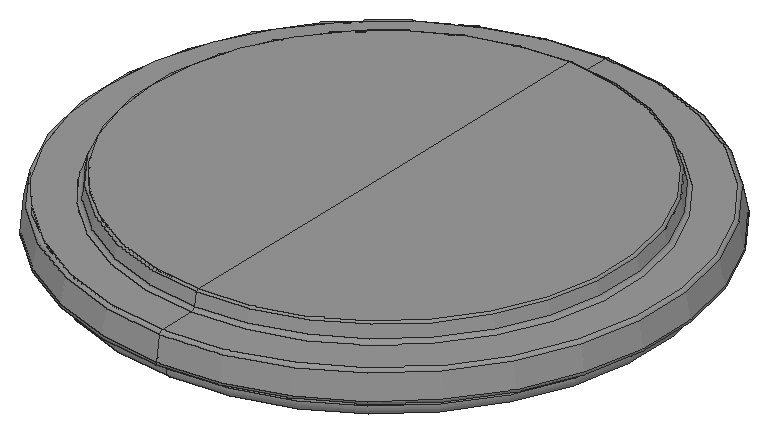
Revit family "FMK13_63_UN_Surface-mounted_ETK", category Lighting Fixtures, Revit 2017 (continued)
Definition of nested family "FMK.1 - Lightsource"
  Types (13, lengths in mm): name | Wattage Comments | Photometric Web File | built-in parameter 1150142 | Apparent Load
      3384\t405.5595\t405.017\t403.9123\t402.4111\t400.3595\t397.8451\t394.7084\t391.0909\t387.0552\r\n382.4227\t377.3501\t371.7125\t365.6289\t359.0797\t352.0101\t344.5153\t336.5336\t328.0834\t319.186\r\n310.0492\t300.3991\t290.6808\t280.0535\t269.1382\t257.6606\t245.9715\t234.0356\t221.994\t209.6474\r\n197.1639\t184.5242\t171.8904\t158.2648\t144.4077\t130.6839\t117.093\t103.3426\t89.5213\t76.4321\r\n62.9064\t50.3095\t38.9022\t28.6824\t0\t0\r\n405.3384\t405.5619\t405.0308\t404.1037\t402.4481\t400.3826\t397.8529\t394.7029\t391.0716\t386.9514\r\n382.295\t377.2986\t371.6562\t365.6032\t359.0556\t351.9937\t344.5103\t336.584\t328.1776\t319.3532\r\n310.0974\t300.3356\t290.3174\t279.8488\t269.1115\t258.1537\t246.5385\t234.5863\t222.1937\t209.6472\r\n196.9332\t184.0086\t170.9271\t157.807\t144.7993\t131.1715\t116.9912\t103.0076\t89.4388\t75.7848\r\n62.8691\t50.2334\t38.592\t27.1196\t0\t0\r\n405.3384\t405.5633\t405.0407\t404.1312\t402.6392\t400.4187\t397.881\t394.7292\t391.0895\t386.9644\r\n382.2746\t377.1648\t371.4996\t365.4693\t358.9878\t351.9131\t344.4464\t336.5353\t328.1318\t319.3478\r\n310.1011\t300.4485\t290.394\t279.9618\t269.1603\t257.9107\t246.3524\t234.5985\t222.4284\t210.1088\r\n197.3969\t184.1969\t170.8703\t157.4428\t143.9608\t130.43\t116.9468\t103.5478\t89.3098\t75.5778\r\n62.4619\t50.0702\t38.7502\t24.5387\t1.901\t0\r\n405.3384\t405.5636\t405.0466\t404.1492\t402.6681\t400.5955\t398.0664\t394.9307\t391.1454\t387.0248\r\n382.3139\t377.1828\t371.4901\t365.4554\t358.8567\t351.7264\t344.248\t336.3296\t327.9212\t319.2201\r\n309.9694\t300.3191\t290.2888\t279.8993\t269.135\t258.007\t246.5323\t234.736\t222.5462\t210.0919\r\n197.3723\t184.3271\t171.1345\t157.7225\t144.2137\t130.4595\t116.5463\t102.7293\t88.9906\t75.6756\r\n62.4842\t49.7099\t38.4108\t19.5388\t9.0852\t0\r\n405.3384\t405.5627\t405.0483\t404.1575\t402.6822\t400.6129\t398.0939\t394.9827\t391.3659\t387.2691\r\n382.55\t377.4142\t371.7081\t365.686\t358.9237\t351.7483\t344.2571\t336.3046\t327.8656\t319.0519\r\n309.7319\t300.073\t290.0393\t279.6352\t268.8689\t257.7186\t246.2608\t234.4573\t222.2884\t210.0107\r\n197.2602\t184.3582\t171.2221\t157.8358\t144.2992\t130.7043\t116.8944\t103.0094\t89.1137\t75.4482\r\n62.0725\t49.5077\t38.5681\t16.4085\t6.3848\t0\r\n405.3384\t405.5608\t405.0458\t404.1562\t402.6815\t400.6096\t398.0931\t394.9913\t391.3746\t387.2895\r\n382.5726\t377.4458\t371.7456\t365.7409\t359.116\t351.9176\t344.4382\t336.4672\t328.028\t319.2025\r\n309.8386\t300.1705\t290.1395\t279.7338\t268.942\t257.7639\t246.2815\t234.4244\t222.1929\t209.9028\r\n196.969\t184.0235\t170.8906\t157.4183\t143.9226\t130.2982\t116.5333\t102.7217\t88.9801\t75.3324\r\n62.0708\t49.4881\t37.8886\t16.6443\t6.3206\t4.5649\r\n405.3384\t405.5579\t405.0392\t404.1453\t402.6658\t400.5861\t398.064\t394.9565\t391.3223\t387.2272\r\n382.4989\t377.367\t371.656\t365.6345\t358.8616\t351.6754\t344.1767\t336.2087\t327.7721\t318.9511\r\n309.6246\t299.9461\t289.9153\t279.5013\t268.7141\t257.5244\t246.0492\t234.2476\t222.0584\t209.8057\r\n197.0631\t184.1389\t170.9819\t157.6062\t144.0805\t130.4305\t116.7655\t102.8872\t88.9857\t75.3165\r\n61.9974\t49.5022\t38.5004\t19.5133\t10.1573\t0\r\n405.3384\t405.5537\t405.0285\t404.1246\t402.6354\t400.5421\t398.006\t394.879\t391.057\t386.9398\r\n382.2102\t377.0886\t371.3854\t365.3521\t358.7336\t351.5762\t344.0881\t336.1427\t327.7345\t319.0228\r\n309.7484\t300.0828\t290.0448\t279.6173\t268.8275\t257.6208\t246.1171\t234.3028\t222.0743\t209.66\r\n196.8854\t183.8167\t170.5486\t157.0989\t143.5804\t129.9288\t116.1512\t102.4281\t88.8066\t75.5773\r\n62.493\t49.7093\t38.2595\t25.0307\t14.9589\t0\r\n405.3384\t405.5487\t405.0137\t404.0945\t402.5903\t400.3393\t397.7919\t394.6519\t390.9587\t386.8388\r\n382.1207\t377.0237\t371.3413\t365.3181\t358.8128\t351.6794\t344.2118\t336.2599\t327.8486\t319.0383\r\n309.7477\t300.0564\t289.9668\t279.4805\t268.6528\t257.2839\t245.7289\t233.9178\t221.7092\t209.3665\r\n196.5454\t183.3687\t170.0181\t156.5779\t143.1684\t129.7197\t116.3848\t103.1589\t88.9988\t75.3396\r\n62.3046\t50.0937\t38.8254\t28.0997\t2.873\t0\r\n405.3384\t405.5424\t404.9947\t404.055\t402.3835\t400.2776\t397.7298\t394.604\t390.8997\t386.7863\r\n382.0919\t377.1147\t371.4463\t365.407\t358.8101\t351.6735\t344.1847\t336.2129\t327.7678\t318.9134\r\n309.5687\t299.7567\t289.6031\t279.1338\t268.3599\t257.1899\t245.6509\t233.7994\t221.2737\t208.667\r\n195.8953\t182.9771\t169.8766\t156.7282\t143.8338\t130.2381\t116.1827\t102.4101\t88.9484\t75.4168\r\n62.7296\t50.3091\t39.1414\t29.704\t0\t0\r\n405.3384\t405.5351\t404.9716\t403.8532\t402.3311\t400.2301\t397.6855\t394.5908\t390.8787\t386.8617\r\n382.175\t377.112\t371.4367\t365.3594\t358.743\t351.6058\t344.0956\t336.0642\t327.5154\t318.5932\r\n309.2834\t299.6126\t289.6216\t279.1214\t268.1429\t256.518\t244.9018\t233.0679\t220.8676\t208.4546\r\n195.9224\t183.2678\t170.6349\t156.9081\t143.1149\t129.4264\t115.9638\t102.4748\t88.9243\t76.0325\r\n62.7599\t50.5163\t39.7576\t30.4051\t0\t0\r\n405.3384\t405.5268\t404.9446\t403.805\t402.2873\t400.1964\t397.6585\t394.6138\t390.9631\t386.846\r\n382.1518\t377.0764\t371.382\t365.2552\t358.5991\t351.4668\t343.8615\t335.8105\t327.4306\t318.7174\r\n309.3728\t299.5147\t288.9811\t278.3636\t267.4085\t256.1152\t244.6556\t232.9217\t220.9954\t208.7993\r\n196.6284\t183.2571\t169.7766\t156.2175\t142.8009\t129.5874\t115.8561\t102.4694\t89.5373\t75.801\r\n62.8374\t50.9146\t40.2047\t6.0894\t0\t0\r\n405.3384\t405.5175\t404.9137\t403.7611\t402.2519\t400.1761\t397.6486\t394.7553\t390.9488\t386.789\r\n382.1121\t377.0119\t371.2861\t365.1175\t358.3294\t351.2537\t343.813\t335.977\t327.5604\t318.4278\r\n308.6974\t298.7546\t288.5068\t277.9956\t267.1616\t256.1159\t244.8144\t233.2945\t221.7169\t208.8064\r\n195.7188\t182.5554\t169.3922\t156.2082\t142.9406\t129.1804\t115.9091\t102.9762\t89.1253\t75.8369\r\n63.1021\t51.3207\t40.5082\t0\t0\t0\r\n405.3384\t405.5071\t404.732\t403.7215\t402.2248\t400.1686\t397.7338\t394.8479\t390.8965\t386.7357\r\n382.0539\t376.9054\t371.1484\t364.8842\t358.2241\t351.4508\t343.9783\t335.7216\t326.8896\t317.6788\r\n308.2461\t298.3973\t288.3086\t277.939\t267.2925\t256.4485\t245.5245\t233.6216\t220.7985\t208.0817\r\n195.2276\t182.3754\t169.6036\t156.0708\t142.5048\t129.2499\t116.3261\t102.426\t89.0803\t75.9582\r\n63.4055\t51.6359\t45.2068\t0\t0\t0\r\n405.3384\t405.4958\t404.7008\t403.6862\t402.2055\t400.2642\t397.7241\t394.865\t390.8568\t386.6659\r\n381.976\t376.6726\t370.9429\t364.8366\t358.4087\t351.334\t343.5563\t334.9914\t326.3919\t317.3169\r\n308.0073\t298.2976\t288.3747\t278.1618\t267.7576\t257.0033\t244.8286\t232.6273\t220.2623\t207.8032\r\n195.2499\t182.6548\t169.1292\t155.7437\t142.619\t129.6789\t115.7028\t102.2394\t89.062\t76.0071\r\n63.5996\t51.8486\t11.6838\t0\t0\t0\r\n405.3384\t405.4834\t404.6711\t403.6553\t402.1936\t400.258\t397.6979\t394.8548\t390.809\t386.5801\r\n381.7953\t376.5628\t370.9021\t365.0558\t358.2517\t350.708\t342.8497\t334.6091\t326.0741\t317.1853\r\n307.9783\t298.4528\t288.6922\t278.8691\t267.9516\t256.0449\t244.1901\t232.1682\t220.074\t207.8676\r\n195.4583\t182.0264\t168.8523\t155.8456\t142.9997\t129.0282\t115.4645\t102.3448\t88.8812\t76.0111\r\n63.697\t51.9403\t0\t0\t0\t0\r\n405.3384\t405.4702\t404.6431\t403.6287\t402.2832\t400.2467\t397.6616\t394.8126\t390.7531\t386.4813\r\n381.7031\t376.5033\t371.0899\t364.866\t357.6417\t350.2384\t342.4952\t334.4178\t325.9215\t317.2094\r\n308.1434\t298.8419\t289.3001\t278.281\t266.9656\t255.5234\t243.8676\t232.0908\t220.4035\t207.9609\r\n194.7531\t181.8051\t168.927\t156.2326\t142.3126\t128.7065\t115.4865\t101.9757\t88.7309\t76.0048\r\n63.7421\t56.6766\t0\t0\t0\t0\r\n405.3384\t405.4561\t404.6167\t403.6076\t402.2769\t400.2274\t397.6166\t394.7349\t390.6867\t386.33\r\n381.656\t376.7279\t370.9169\t364.2502\t357.2389\t349.8681\t342.264\t334.3087\t325.9477\t317.3662\r\n308.4811\t299.3487\t288.5326\t277.6229\t266.5022\t255.2499\t243.8518\t232.5118\t220.0293\t207.2658\r\n194.5118\t181.8749\t169.3599\t155.551\t141.9034\t128.5853\t115.2093\t101.7082\t88.6305\t75.9892\r\n63.7506\t34.8823\t0\t0\t0\t0\r\n405.3384\t405.441\t404.5919\t403.5925\t402.2647\t400.2005\t397.5636\t394.6195\t390.511\t386.2918\r\n381.8682\t376.6329\t370.3868\t363.8318\t356.9304\t349.652\t342.1589\t334.2951\t326.1382\t317.7058\r\n308.9338\t298.5236\t287.9506\t277.1892\t266.2979\t255.2333\t244.3108\t232.0843\t219.5682\t206.9936\r\n194.5653\t182.2533\t168.7385\t155.1122\t141.7148\t128.5532\t114.8199\t101.4796\t88.5326\t75.9589\r\n63.7436\t0\t0\t0\t0\t0\r\n405.3384\t405.4251\t404.5685\t403.5817\t402.2465\t400.1668\t397.508\t394.4112\t390.4413\t386.2913\r\n381.8067\t376.4311\t370.0062\t363.505\t356.7156\t349.5603\t342.1638\t334.4401\t326.4674\t318.1326\r\n308.1103\t297.9214\t287.5762\t277.012\t266.3002\t255.6656\t243.832\t231.5923\t219.2864\t207.014\r\n194.9442\t181.7689\t168.1866\t154.8828\t141.8181\t128.0517\t114.4929\t101.2468\t88.4031\t75.8633\r\n69.485\t0\t0\t0\t0\t0\r\n405.3384\t405.2485\t404.5335\t403.6645\t402.2224\t400.1255\t397.475\t394.1709\t390.3989\t386.5385\r\n381.6223\t375.8443\t369.6864\t363.2614\t356.5777\t349.5494\t342.2587\t334.7322\t326.9154\t317.3685\r\n307.5367\t297.5489\t287.3558\t277.0195\t266.7127\t255.5088\t243.294\t231.2722\t219.2355\t207.2358\r\n194.7953\t181.1626\t167.9131\t154.7557\t141.4371\t127.7042\t114.2298\t101.0851\t88.2593\t75.7374\r\n52.566\t0\t0\t0\t0\t0\r\n405.3384\t405.2313\t404.5149\t403.6585\t402.1924\t400.0874\t397.4062\t394.0524\t390.3827\t386.4783\r\n381.347\t375.4965\t369.4174\t363.101\t356.5087\t349.625\t342.4702\t335.2626\t326.2434\t316.8153\r\n307.1624\t297.3178\t287.3215\t277.1874\t266.6991\t254.7569\t242.9726\t231.1253\t219.3601\t207.4539\r\n194.0571\t180.8106\t167.6988\t154.8237\t140.9526\t127.3463\t114.024\t100.9381\t88.1442\t75.6199\r\n8.3292\t0\t0\t0\t0\t0\r\n405.3384\t405.2143\t404.4979\t403.65\t402.1564\t400.0372\t397.3255\t393.9625\t390.6129\t386.3063\r\n380.8286\t375.1745\t369.2361\t363.0129\t356.5201\t349.7807\t343.0483\t335.0507\t325.7043\t316.3858\r\n306.914\t297.2339\t287.4377\t277.4576\t265.9553\t254.3844\t242.7811\t231.1938\t219.6917\t206.6946\r\n193.5598\t180.5774\t167.6861\t154.2617\t140.5223\t127.0588\t113.7914\t100.7972\t88.0366\t83.4326\r\n0\t0\t0\t0\t0\t0\r\n405.3384\t405.1978\t404.4825\t403.6384\t402.0911\t399.9817\t397.1408\t393.8852\t390.547\t386.0015\r\n380.5505\t374.9336\t369.1354\t362.9788\t356.6063\t350.0031\t343.0514\t334.2028\t325.2569\t316.0815\r\n306.771\t297.3248\t287.8218\t276.8308\t265.4808\t254.1562\t242.7619\t231.3645\t219.1669\t206.151\r\n193.2513\t180.4127\t167.6455\t153.7701\t140.1673\t126.7721\t113.5971\t100.6559\t87.9035\t73.2104\r\n0\t0\t0\t0\t0\t0\r\n405.3384\t405.1816\t404.4685\t403.6236\t402.0462\t399.9218\t397.0406\t393.8449\t390.4197\t385.4588\r\n380.303\t374.7523\t369.0481\t362.9941\t356.7556\t350.4899\t342.3766\t333.7323\t324.91\t315.93\r\n306.7423\t297.7012\t287.638\t276.3403\t265.2041\t254.0066\t242.8588\t231.5472\t218.5675\t205.791\r\n193.0312\t180.5339\t166.992\t153.2951\t139.8329\t126.5198\t113.4096\t100.488\t87.7644\t50.183\r\n0\t0\t0\t0\t0\t0\r\n405.3384\t405.1658\t404.4556\t403.605\t402.0047\t399.8587\t396.9678\t394.0484\t390.2485\t385.1764\r\n380.0833\t374.6292\t368.9744\t363.0772\t356.9562\t350.3807\t341.8775\t333.354\t324.6587\t315.8276\r\n306.8408\t297.6991\t286.865\t275.9921\t265.0466\t254.0282\t243.181\t230.8144\t218.1129\t205.4704\r\n192.95\t180.3241\t166.4787\t152.9016\t139.4897\t126.2465\t113.2069\t100.3244\t87.5932\t7.0091\r\n0\t0\t0\t0\t0\t0\r\n405.3384\t405.1736\t404.4436\t403.5723\t401.9608\t399.8075\t396.909\t394.0477\t390.0041\t384.9479\r\n379.8834\t374.551\t368.9703\t363.21\t357.4063\t349.6805\t341.4574\t333.0643\t324.521\t315.8139\r\n307.234\t297.0694\t286.4243\t275.712\t264.9568\t254.1683\t243.0001\t230.2308\t217.7563\t205.2779\r\n193.0318\t179.6139\t166.0256\t152.5274\t139.1851\t126.0071\t112.9942\t100.1243\t93.9816\t0\r\n0\t0\t0\t0\t0\t0\r\n405.3384\t405.1582\t404.4323\t403.5458\t401.9186\t399.7372\t396.864\t393.9692\t389.4676\t384.7303\r\n379.7002\t374.4837\t369.0179\t363.3474\t357.309\t349.2254\t341.1152\t332.8524\t324.4403\t315.899\r\n307.1158\t296.6023\t286.0655\t275.5201\t264.9227\t254.484\t242.2719\t229.8418\t217.4461\t205.1551\r\n192.8003\t179.0668\t165.548\t152.1467\t138.9029\t125.7703\t112.7705\t99.923\t81.4643\t0\r\n0\t0\t0\t0\t0\t0\r\n405.3384\t405.1427\t404.4215\t403.5172\t401.8789\t399.5738\t396.8307\t393.84\t389.2108\t384.5347\r\n379.5711\t374.4387\t369.0911\t363.8155\t356.9853\t348.8325\t340.836\t332.7132\t324.4347\t316.2659\r\n306.469\t296.1791\t285.8331\t275.4029\t264.9879\t254.1807\t241.7605\t229.4924\t217.282\t205.2627\r\n192.1131\t178.5645\t165.1154\t151.7836\t138.585\t125.5095\t112.5563\t99.7128\t60.9146\t0\r\n0\t0\t0\t0\t0\t0\r\n405.3384\t405.1268\t404.411\t403.4869\t401.8689\t399.5039\t396.8145\t393.6447\t388.9954\t384.3538\r\n379.4857\t374.4179\t369.1782\t363.8193\t356.2567\t348.5043\t340.6114\t332.606\t324.4985\t316.1813\r\n306.0112\t295.8319\t285.6355\t275.3934\t265.2495\t253.4097\t241.2878\t229.2124\t217.1097\t205.0994\r\n191.5675\t178.0818\t164.7012\t151.456\t138.2911\t125.2321\t112.3059\t99.4762\t16.2983\t0\r\n0\t0\t0\t0\t0\t0\r\n405.3384\t405.1108\t404.4903\t403.4555\t401.8237\t399.4103\t397.0305\t393.4442\t388.8336\t384.1754\r\n379.4075\t374.43\t369.2737\t363.6191\t355.8892\t348.234\t340.4491\t332.5491\t324.8276\t315.8567\r\n305.6102\t295.5819\t285.4934\t275.413\t265.0581\t252.9031\t240.9149\t228.9525\t217.0191\t204.6975\r\n191.0128\t177.6397\t164.3329\t151.1167\t137.9969\t124.9687\t112.062\t107.5917\t0.7007\t0\r\n0\t0\t0\t0\t0\t0\r\n405.3384\t405.0944\t404.4708\t403.4232\t401.771\t399.3535\t397.0169\t393.0022\t388.6496\t384.0408\r\n379.3374\t374.4627\t369.6852\t362.9627\t355.5698\t348.0061\t340.3388\t332.5584\t324.7942\t315.1398\r\n305.2951\t295.3698\t285.4247\t275.6825\t264.3367\t252.5037\t240.6145\t228.7679\t217.1002\t203.9238\r\n190.5367\t177.2097\t163.9532\t150.792\t137.717\t124.7302\t111.8063\t98.8725\t0\t0\r\n0\t0\t0\t0\t0\t0\r\n405.3384\t405.0776\t404.4545\t403.3908\t401.7101\t399.3099\t396.9567\t392.7976\t388.4495\t383.9609\r\n379.2847\t374.4998\t369.6843\t362.5741\t355.27\t347.8284\t340.249\t332.6102\t324.5858\t314.7295\r\n304.9935\t295.2193\t285.3785\t275.5735\t263.8563\t252.1042\t240.3755\t228.643\t216.8475\t203.3823\r\n190.0477\t176.7881\t163.6007\t150.4803\t137.4402\t124.4543\t111.5517\t85.0694\t0\t0\r\n0\t0\t0\t0\t0\t0\r\n405.3384\t405.0604\t404.4375\t403.3708\t401.6143\t399.2784\t396.8678\t392.6205\t388.286\t383.8712\r\n379.2482\t374.5384\t369.5416\t362.2694\t354.9882\t347.6747\t340.2311\t332.9204\t323.9709\t314.3815\r\n304.7666\t295.0886\t285.3921\t275.2484\t263.399\t251.7743\t240.1515\t228.5226\t216.4169\t202.8894\r\n189.6152\t176.4056\t163.2526\t150.1706\t137.1488\t124.1833\t111.2847\t67.3012\t0\t0\r\n0\t0\t0\t0\t0\t0\r\n405.3384\t405.0427\t404.4198\t403.3318\t401.5423\t399.2809\t396.7363\t392.489\t388.1443\t383.7593\r\n379.2585\t374.6007\t369.2833\t361.9708\t354.796\t347.5124\t340.2151\t332.8981\t323.5654\t314.0775\r\n304.5571\t295.0196\t285.6448\t274.5513\t263.0117\t251.4537\t239.942\t228.6113\t215.6596\t202.3901\r\n189.1856\t176.0419\t162.932\t149.883\t136.8857\t123.9284\t122.8764\t24.0819\t0\t0\r\n0\t0\t0\t0\t0\t0\r\n405.3384\t405.0244\t404.402\t403.293\t401.4733\t399.2445\t396.6121\t392.3366\t388.0271\t383.6686\r\n379.2507\t374.9702\t368.6448\t361.6732\t354.6081\t347.4237\t340.1562\t332.7313\t323.2268\t313.8119\r\n304.3844\t294.9379\t285.5233\t274.1363\t262.6612\t251.2131\t239.7592\t228.325\t215.0958\t201.9145\r\n188.7725\t175.6617\t162.5822\t149.5668\t136.5956\t123.6688\t120.5677\t9.957\t0\t0\r\n0\t0\t0\t0\t0\t0\r\n405.3384\t405.0054\t404.384\t403.2512\t401.3208\t399.1951\t396.4819\t392.1762\t387.9514\t383.5908\r\n379.2078\t374.9606\t368.3521\t361.3828\t354.4067\t347.3472\t340.1951\t332.3855\t322.9143\t313.5971\r\n304.2281\t294.8631\t285.2223\t273.7182\t262.3605\t251.0007\t239.6319\t227.9627\t214.5968\t201.4525\r\n188.3381\t175.2686\t162.2411\t149.2486\t136.2977\t123.3792\t114.9625\t0\t0\t0\r\n0\t0\t0\t0\t0\t0\r\n405.3384\t404.9858\t404.3663\t403.2062\t401.2807\t399.3352\t396.3671\t391.9995\t387.8556\t383.5414\r\n379.1954\t374.8369\t368.0781\t361.1669\t354.2081\t347.2392\t340.4601\t331.7946\t322.572\t313.375\r\n304.1344\t294.8515\t284.8364\t273.3137\t262.0496\t250.7828\t239.7394\t227.2719\t214.143\t201.0284\r\n187.957\t174.9188\t161.9031\t148.9358\t135.9942\t123.0935\t106.9167\t0\t0\t0\r\n0\t0\t0\t0\t0\t0\r\n405.3384\t404.9657\t404.3491\t403.137\t401.2259\t399.2718\t396.1988\t391.8626\t387.7249\t383.5318\r\n379.2046\t374.674\t367.8035\t360.9786\t354.0767\t347.1349\t340.3019\t331.4341\t322.3187\t313.1475\r\n303.9869\t295.0203\t284.1943\t272.9865\t261.7665\t250.5691\t239.5527\t226.7795\t213.6915\t200.6354\r\n187.5885\t174.5759\t161.5912\t148.6211\t135.6938\t122.7886\t97.1013\t0\t0\t0\r\n0\t0\t0\t0\t0\t0\r\n405.3384\t404.9447\t404.3643\t403.0908\t401.1696\t399.2115\t395.7381\t391.7602\t387.6137\t383.4745\r\n379.2433\t374.4878\t367.536\t360.7869\t353.9653\t347.0886\t340.1271\t331.0609\t322.0462\t312.9846\r\n303.8666\t294.8288\t283.7883\t272.6681\t261.5277\t250.3816\t239.2929\t226.2978\t213.2501\t200.2267\r\n187.218\t174.2303\t161.2676\t148.3254\t135.4154\t122.514\t86.1249\t0\t0\t0\r\n0\t0\t0\t0\t0\t0\r\n405.3384\t404.9229\t404.3466\t403.048\t401.1114\t399.1739\t395.5625\t391.6161\t387.5292\t383.3775\r\n379.2387\t374.3121\t367.2962\t360.5925\t353.8461\t347.0574\t339.9336\t330.7756\t321.7646\t312.7595\r\n303.7724\t294.6075\t283.4083\t272.337\t261.2567\t250.1906\t238.9891\t225.8589\t212.8415\t199.8294\r\n186.8583\t173.8966\t160.9568\t148.0252\t135.1175\t122.2164\t74.5102\t0\t0\t0\r\n0\t0\t0\t0\t0\t0\r\n405.3384\t404.9005\t404.3255\t403.009\t401.0339\t399.1156\t395.4146\t391.4309\t387.4243\t383.3208\r\n379.4976\t373.7544\t367.1078\t360.4023\t353.7011\t347.0017\t339.7099\t330.5052\t321.5623\t312.5965\r\n303.6305\t294.2656\t283.057\t272.0629\t261.0319\t250.0033\t238.6069\t225.4043\t212.4214\t199.4582\r\n186.5098\t173.5796\t160.6474\t147.7264\t134.8117\t134.8645\t35.7949\t0\t0\t0\r\n0\t0\t0\t0\t0\t0\r\n405.3384\t404.8772\t404.301\t402.9743\t400.978\t399.0523\t395.3086\t391.2952\t387.2858\t383.248\r\n379.4366\t373.4825\t366.884\t360.2677\t353.5976\t347.1681\t339.3917\t330.259\t321.3543\t312.4464\r\n303.5241\t293.9556\t282.7
